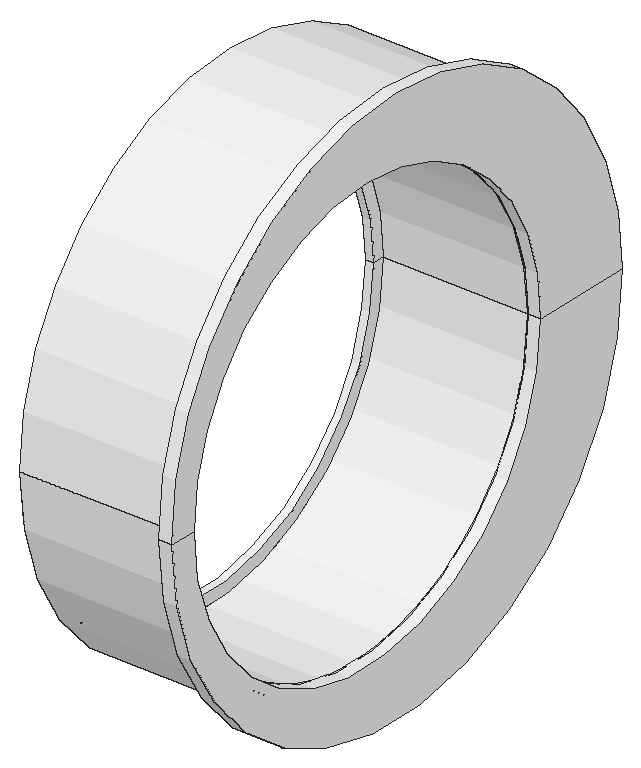
Revit family "CADS_AIRFLOWdev_AirRound_OffsetReducer", category Duct Fittings, Revit 2015
Parameters (values of type "CADS_AIRFLOWdev_AirRound_OffsetReducer")
  WorkingPressure = 3000.0 Pa
  WeeklyMaintenance = "N/A"
  WarrantyStartDate [instance] = "1900-12-31T23:59:111"
  WarrantyPeriod = "0"
  WarrantyIdentifier = "N/A"
  WarrantyGuarantorParts = "info@airflow.com"
  WarrantyGuarantorLabor = "info@airflow.com"
  WarrantyGuarantor = "Airflow Developments Ltd"
  WarrantyEndDate [instance] = "1900-12-31T23:59:111"
  WarrantyContent = "N/A"
  Uniclass2015 = "Pr_30_59_96_92:Ventilation ducts"
  TemperatureRange = "up to 40°C"
  TagNumber [instance] = "N/A"
  SustainabilityPerformance = "N/A"
  Status = "New"
  Size = "75 x 125 x 125"
  ShippingWeight = 0.06 kg
  Shape = "Round"
  ServiceLifeType = "EXPECTEDSERVICELIFE"
  ServiceLifeDuration = "10"
  SerialNumber [instance] = "N/A"
  SAPApproval = no
  ReplacementCost = "2.568"
  Reinforcement = "N/A"
  RedDotDesignAward = no
  QuarterlyMaintenance = "N/A"
  Quantity = 1
  ProductionYear = "2017"
  ProductLiterature = "https://www.airflow.com/pdf/Accessories.pdf#page=11"
  PointOfContact = "Airflow Developments Ltd"
  PassiveHouseApproval = no
  ODia2 [instance] = Dia2 + 4 mm  # 104 mm
  ODia1 [instance] = Dia1 + 4 mm  # 129 mm
  NominalWidth = 125 mm
  NominalLength = 75 mm
  NominalHeight = 125 mm
  NBSCode = "45-80-50/394 Ventilation ducts"
  MonthlyMaintenance = "N/A"
  ModelReference [instance] = "52644101"
  ModelLabel [instance] = "125mm to 100mm offset reducer (for rigid pipe)"
  Material = "Plastic"
  ManufacturerWebsite = "www.airflow.com"
  ManufacturerTelephone = "01494 525252"
  ManufacturerE-Mail = "info@airflow.com"
  ManufacturerAddress = "Aidelle House\nLancaster Road\nCressex Business Park\nHigh Wycombe\nBucks\nHP123QP"
  Manufacturer = "Airflow Developments Ltd"
  MaintenanceRequired8001to12000hrs = "N/A"
  MaintenanceRequired601to1000hrs = "N/A"
  MaintenanceRequired4001to8000hrs = "N/A"
  MaintenanceRequired301to600hrs = "N/A"
  MaintenanceRequired2001to4000hrs = "N/A"
  MaintenanceRequired1001to2000hrs = "N/A"
  MaintenanceRequired0to300hrs = "N/A"
  LongitudinalSeam = "None"
  L1 [instance] = if(Dia1 > Dia2, (Dia1 - Dia2) / 2, (Dia2 - Dia1) / 2)  # 12.5 mm
  IsExtendedWarranty = no
  InstallationDate [instance] = "1900-12-31T23:59:111"
  ISO90001 = yes
  ISO140001 = yes
  GrossWeight = 0.05 kg
  Grade = "Virgin"
  GlobalTradeItemNumber [instance] = "5019009314471"
  Fitting Type = "Ignore"
  FireControlPanelLinks = no
  Finish = "Lacquer"
  Features = "125mm to 100mm offset reducer (for rigid pipe)"
  ExpectedServiceLife = 10
  Exclusions = "N/A"
  DurationUnit = "Year"
  Dia2 [instance] = 100 mm
  Dia1 [instance] = 125 mm
  DailyMaintenance = "N/A"
  Constituents = "125mm to 100mm offset reducer (for rigid pipe)"
  Color = "White"
  CodePerformance = "N/A"
  CEApproval = yes
  CADS_Index = 0
  Body = CADS_AirFlow_White
  BespokeTimeFrameMaintenance = "N/A"
  AssetType = "FIXED"
  AssetIdentifier [instance] = "N/A"
  AssemblyPlace = "UNKNOWN"
  ArticleNumber [instance] = "N/A"
  AnnualMaintenance = "N/A"
  AirflowRateRange = 140.0 L/s
  AccessibilityPerformance = "N/A"
  6MonthlyMaintenance = "Visually inspect system, clean the fan and ducting if necessary"
Types (2, lengths in mm): name | SAPApproval | RedDotDesignAward | PassiveHouseApproval | NominalWidth | NominalLength | NominalHeight | IsExtendedWarranty | FireControlPanelLinks
  (no name) | yes | yes | yes | 0 | 0 | 0 | yes | yes
  CADS_AIRFLOWdev_AirRound_OffsetReducer | no | no | no | 125 | 75 | 125 | no | no
Values of the unnamed type that differ from the named types
  WorkingPressure = 0.0 Pa
  WeeklyMaintenance = ""
  WarrantyStartDate = ""
  WarrantyPeriod = ""
  WarrantyIdentifier = ""
  WarrantyGuarantorParts = ""
  WarrantyGuarantorLabor = ""
  WarrantyGuarantor = ""
  WarrantyEndDate = ""
  WarrantyContent = ""
  Uniclass2015 = ""
  TemperatureRange = ""
  TagNumber = ""
  SustainabilityPerformance = ""
  Status = ""
  Size = ""
  ShippingWeight = 0.00 kg
  Shape = ""
  ServiceLifeType = ""
  ServiceLifeDuration = ""
  SerialNumber = ""
  ReplacementCost = ""
  Reinforcement = ""
  QuarterlyMaintenance = ""
  Quantity = 0
  ProductionYear = ""
  ProductLiterature = ""
  PointOfContact = ""
  NBSCode = ""
  MonthlyMaintenance = ""
  ModelReference = ""
  ModelLabel = ""
  Material = ""
  ManufacturerWebsite = ""
  ManufacturerTelephone = ""
  ManufacturerE-Mail = ""
  ManufacturerAddress = ""
  MaintenanceRequired8001to12000hrs = ""
  MaintenanceRequired601to1000hrs = ""
  MaintenanceRequired4001to8000hrs = ""
  MaintenanceRequired301to600hrs = ""
  MaintenanceRequired2001to4000hrs = ""
  MaintenanceRequired1001to2000hrs = ""
  MaintenanceRequired0to300hrs = ""
  LongitudinalSeam = ""
  InstallationDate = ""
  GrossWeight = 0.00 kg
  Grade = ""
  GlobalTradeItemNumber = ""
  Fitting Type = ""
  Finish = ""
  Features = ""
  ExpectedServiceLife = 0
  Exclusions = ""
  DurationUnit = ""
  DailyMaintenance = ""
  Constituents = ""
  Color = ""
  CodePerformance = ""
  BespokeTimeFrameMaintenance = ""
  AssetType = ""
  AssetIdentifier = ""
  AssemblyPlace = ""
  ArticleNumber = ""
  AnnualMaintenance = ""
  AirflowRateRange = 0.0 L/s
  AccessibilityPerformance = ""
  6MonthlyMaintenance = ""
Reference planes
  plane 1 "Center (Front/Back)": y = 0
  plane 2: z = 0
  plane 3 "Center (Left/Right)": x = 0
  plane 4: y = 62.5
  plane 5: y = -62.5
  plane 6: x = -35
  plane 7: y = -8.477
  plane 8: y = -58.477
Forms (mm)
  Revolve 1, solid, material "CADS_AirFlow_White" <- "Body"
    sketch origin (0, 0, 0) x (1, 0, 0) y (0, 1, 0)
      loop
        line (-35, 60.5) -> (-35, 58.5) -> (0, 58.5) -> (0, 0) -> (3, 0) -> (3, 64.5) -> (0, 64.5) -> (0, 60.5) -> (-35, 60.5)
      axis (3, 0) -> (-35, 0)
    angle from 0 to 360
  Revolve 2, solid, material "CADS_AirFlow_White" <- "Body"
    sketch origin (0, 0, 0) x (1, 0, 0) y (0, 1, 0)
      loop
        line (0, -8.477) -> (-33.186, -8.477) -> (-33.186, -55.59) -> (-35, -55.59) -> (-35, -60.433) -> (0, -60.433) -> (0, -8.477)
      axis (-35, -8.477) -> (0, -8.477)
    angle from 0 to 360
  Revolve 3, void
    sketch origin (0, 0, 0) x (1, 0, 0) y (0, 1, 0)
      loop
        line (-33.186, 41.323) -> (-33.186, -8.477) -> (6.814, -8.477) -> (6.814, 41.323) -> (-33.186, 41.323)
      axis (6.814, -8.477) -> (-33.186, -8.477)
    angle from 0 to 360
Cuts and joins
  Revolve 3 cuts Revolve 2
  Revolve 3 cuts Revolve 1
Dimensions and locks
  equal spacing: plane 4, plane 1 "Center (Front/Back)", plane 5
  locked: plane 4 to plane 5 at 125
  locked: plane 6 to plane 3 "Center (Left/Right)" at 35
  plane 4 to Revolve 1 sketch curve to Revolve 1 sketch curve = 2 mm locked, 2 mm locked
  locked: plane 7 to plane 8 at 50
  aligned and locked: level to plane 2
  aligned and locked: Revolve 1 sketch curve to plane 1 "Center (Front/Back)"
  aligned and locked: Revolve 2 sketch curve to plane 7
  aligned and locked: plane 7 to Revolve 3 sketch curve
Automatic sketch dimensions
  Revolve 1 sketch curve to plane 6 = 0 mm
  Revolve 1 sketch curve to plane 3 "Center (Left/Right)" = 0 mm  (x3)
  plane 1 "Center (Front/Back)" to Revolve 1 sketch curve = 0 mm
  plane 3 "Center (Left/Right)" to Revolve 1 sketch curve = 3 mm
  Revolve 1 sketch curve to Revolve 1 sketch curve = 4 mm
  Revolve 1 sketch curve to Revolve 1 sketch curve = 1959.5 mm
  Revolve 3 sketch curve to plane 7 = 0 mm
  plane 6 to Revolve 3 sketch curve = 1.814 mm
  plane 3 "Center (Left/Right)" to Revolve 3 sketch curve = 6.814 mm
  Revolve 3 sketch curve to plane 4 = 21.177 mm
  Revolve 3 sketch curve to plane 6 = 5.454 mm
  Revolve 3 sketch curve to Revolve 3 sketch curve = 12.732 mm
  Revolve 2 sketch curve to plane 6 = 0 mm
  Revolve 2 sketch curve to plane 7 = 0 mm
  Revolve 2 sketch curve to plane 3 "Center (Left/Right)" = 0 mm
  plane 6 to Revolve 2 sketch curve = 1.814 mm
  plane 8 to Revolve 2 sketch curve = 2.888 mm
  Revolve 2 sketch curve to plane 8 = 1.956 mm
  Revolve 2 sketch curve to plane 6 = 5 mm
  plane 3 "Center (Left/Right)" to Revolve 2 sketch curve = 15 mm
Connectors
  hvac at (0, 0, 0)
    settings: on cut or joined group of Revolve 1, Revolve 3, index 1, duct flow 0.0 L/s, flow factor 0, pres drop 0.0 Pa, loss coef 0, conn angle 0.00°, conn width 304.8 mm, conn height 304.8 mm, conn diameter 125 mm, duct sys type 28, conn prof type 0, flow config 0, flow direction 0, loss method 0, conn ref index -1, conn util no, is conn primary yes, conn desc ""
  hvac at (-33.186, -8.477, 0)
    settings: on cut or joined group of Revolve 2, Revolve 3, index 2, duct flow 0.0 L/s, flow factor 0, pres drop 0.0 Pa, loss coef 0, conn angle 0.00°, conn width 304.8 mm, conn height 304.8 mm, conn diameter 100 mm, duct sys type 28, conn prof type 0, flow config 0, flow direction 0, loss method 0, conn ref index -1, conn util no, is conn primary no, conn desc ""
